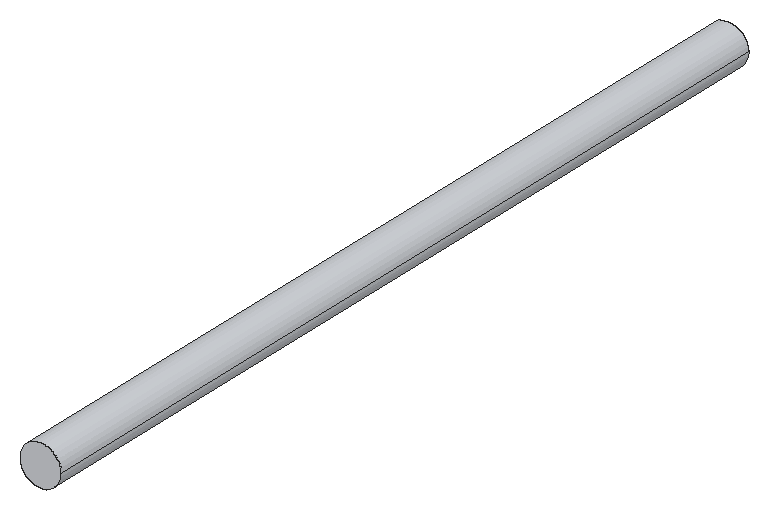
Revit family "脊檩", category 常规模型, Revit 2022
Family settings
  可将钢筋附着到主体 = 否
  圆形连接件大小 = 使用直径
  零件类型 = 标准
  基于工作平面 = 否
  总是垂直 = 是
  加载时剪切的空心 = 否
  保持注释方向 = 否
  共享 = 否
  房间计算点 = 否
Parameters
  默认高程 = 0 mm
  脊檩长 [instance] = 3600 mm
  脊檩直径 [instance] = 170 mm
Reference planes
  plane 1 "中心(前/后)": y = 0
  plane 2: z = 0
  plane 3 "中心(左/右)": x = 0
Forms (mm)
  Extrusion 1, solid
    sketch origin (0, 0, 0) x (1, 0, 0) y (0, 0, 1)
      loop
        circle (1950.483, -90.8) r 85
    from 0 to 3600
Dimensions and locks
  "脊檩长": Extrusion 1 to Extrusion 1
  "脊檩直径": diameter of Extrusion 1 sketch curve
  aligned and locked: level to plane 2
Automatic sketch dimensions
  Extrusion 1 sketch curve to level = 90.8 mm
  plane 3 "中心(左/右)" to Extrusion 1 sketch curve = 1950.483 mm
